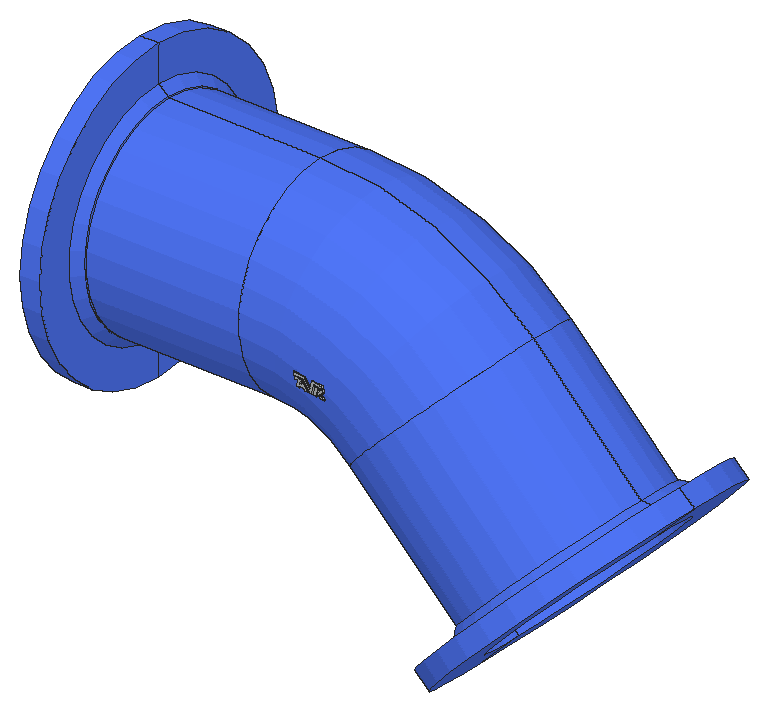
Revit family "712-0065-04-201-DN300", category Pipe Fittings, Revit 2019
Family settings
  Round Connector Dimension = Use Diameter
  Part Type = Elbow
  Work Plane-Based = No
  Always vertical = Yes
  Cut with Voids When Loaded = No
  Shared = No
Parameters (values of type "DN300_PN10/16")
  Search_Table = "712-0420-001-DN40-300"
  Rf_Dia = size_lookup(Search_Table, "Rf_Dia", 0 mm, [Nominal Diameter(DN)]) / 2  # 185 mm
  RF_Thick = size_lookup(Search_Table, "Rf_Thickness", 0 mm, [Nominal Diameter(DN)])  # 4 mm
  L_Ref = size_lookup(Search_Table, "L_Ref", 0 mm, [Nominal Diameter(DN)])  # 130 mm
  L = size_lookup(Search_Table, "L", 0 mm, [Nominal Diameter(DN)])  # 400 mm
  ID(Radius) = [Nominal Diameter(DN)] / 2  # 150 mm
  Flange_thickness = size_lookup(Search_Table, "Flange_thickness", 0 mm, [Nominal Diameter(DN)])  # 29 mm
  Nominal Diameter(DN) = 300 mm
  FOD = size_lookup(Search_Table, "FOD", 0 mm, [Nominal Diameter(DN)]) / 2  # 227.5 mm
  URL product pages = "https://www.avkvalves.com/P.aspx?no=712004043201"
  Description_ = "AVK FLANGED PIPE W/LOOSE FLANGES"
  DN300_PN16 = "712-0300-04-201"
  DN300_PN10/16 = yes
  DN300_PN10 = "712-0300-04-200"
  Body_wallthickness = 15 mm + [Nominal Diameter(DN)]  # 315 mm
Reference planes
  plane 1 "Center (Front/Back)": y = 0
  plane 2: z = 0
  plane 3 "Center (Left/Right)": x = 0
  plane 4: x = 400
  plane 5: through (350, -1524, -50) normal (-0.7071, 0, 0.7071)
  plane 6: z = 0
  plane 7: through (400, -1524, 0) normal (0.7071, 0, 0.7071)
Forms (mm)
  Revolve 1, solid, material "Plastic", visible <- "DN300_PN10/16"
    sketch origin (0, 0, -535) x (1, 0, 0) y (0, 0, 1)
      loop
        line (0, 761.941) -> (0, 684.441) -> (29, 684.441) -> (29, 761.941) -> (0, 761.941)
      axis (0, 534.441) -> (29, 534.441)
    angle from 0 to 360
  Revolve 2, solid, material "Plastic", visible <- "DN300_PN10/16"
    sketch origin (0, 0, -535) x (1, 0, 0) y (0, 0, 1)
      loop
        line (788.909, 358.223) -> (843.71, 413.024) -> (821.938, 434.795) -> (767.137, 379.995) -> (788.909, 358.223)
      axis (682.843, 252.157) -> (661.071, 273.929)
    angle from 0 to 360
  Extrusion 3, solid, material "Plastic", visible <- "DN300_PN10/16"
    sketch origin (0, 0, -535) x (1, 0, 0) y (0, 0, 1)
      loop
        line (304.075, 384.382) -> (304.075, 342.048)
        arc (304.075, 342.048) -> (326.575, 319.548) -> (349.075, 342.048) r 22.5
        line (349.075, 342.048) -> (349.075, 384.382) -> (304.075, 384.382)
      loop
        circle (326.575, 342.048) r 12
    from 5.963 to -5.963
  Sweep 4, solid, material "Plastic", visible <- "DN300_PN10/16"
    path origin (0, 0, -535) x (1, 0, 0) y (0, 0, 1)
      loop
        line (29, 535) -> (275.736, 535)
        arc (275.736, 535) -> (390.541, 512.164) -> (487.868, 447.132) r 300
        line (487.868, 447.132) -> (661.071, 273.929)
    profile origin (152.368, 0, 0) x (0, 0, 1) y (0, -1, 0)
      loop
        circle (0, 0) r 157.5
  Sweep 5, void
    path origin (0, 0, -535) x (1, 0, 0) y (0, 0, 1)
      loop
        line (29, 535) -> (275.736, 535)
        arc (275.736, 535) -> (390.541, 512.164) -> (487.868, 447.132) r 300
        line (487.868, 447.132) -> (661.071, 273.929)
    profile origin (152.368, 0, 0) x (0, 0, 1) y (0, -1, 0)
      loop
        circle (0, 0) r 150
  Revolve 6, solid, material "Plastic", visible <- "DN300_PN10/16"
    sketch origin (0, 0, -535) x (1, 0, 0) y (0, 0, 1)
      loop
        line (29, 535) -> (43.142, 535) -> (43.142, 693.514) -> (29, 707.657) -> (29, 535)
      axis (29, 535) -> (43.142, 535)
    angle from 0 to 360
  Revolve 7, solid, material "Plastic", visible <- "DN300_PN10/16"
    sketch origin (0, 0, -535) x (1, 0, 0) y (0, 0, 1)
      loop
        line (661.071, 273.929) -> (783.768, 396.625) -> (763.768, 396.625) -> (651.071, 283.929) -> (661.071, 273.929)
      axis (651.071, 283.929) -> (661.071, 273.929)
    angle from 0 to 360
Cuts and joins
  Sweep 5 cuts Revolve 1
  Sweep 5 cuts Revolve 2
  Sweep 5 cuts Extrusion 3
  Sweep 5 cuts Sweep 4
Dimensions and locks
  "L": plane 4 to plane 3 "Center (Left/Right)"
  "Flange_thickness": Revolve 1 sketch curve to plane 3 "Center (Left/Right)"
  equal spacing: Extrusion 3, plane 1 "Center (Front/Back)", Extrusion 3
  "L": plane 5 to Revolve 2 sketch curve
  "FOD": Revolve 2 sketch curve to plane 7
  "ID(Radius)": Revolve 2 sketch curve to plane 7
  "L": plane 5 to cut or joined group of Revolve 2, Sweep 5
  locked: cut or joined group of Revolve 1, Sweep 5 to Revolve 6 sketch curve at 14.142
  "Body_wallthickness": diameter of Sweep 4 sketch curve
  "Nominal Diameter(DN)": diameter of Sweep 5 sketch curve
  locked: cut or joined group of Revolve 1, Sweep 5 to Revolve 6 sketch curve (angle 45.00°)
  aligned and locked: level to plane 2
  aligned and locked: plane 3 "Center (Left/Right)" to Revolve 1 sketch curve  (x2)
  aligned and locked: plane 6 to Sweep 4 sketch curve
  aligned and locked: Sweep 4 sketch curve to plane 7
  aligned and locked: Revolve 1 to Sweep 5 sketch curve
  aligned and locked: Revolve 2 to Sweep 5 sketch curve
  aligned and locked: Revolve 6 sketch curve to cut or joined group of Revolve 1, Sweep 5
  aligned and locked: plane 6 to Revolve 6 sketch curve
  aligned and locked: Revolve 7 sketch curve to cut or joined group of Revolve 2, Sweep 5
  aligned and locked: Revolve 7 sketch curve to plane 7  (x2)
Automatic sketch dimensions
  Extrusion 3 sketch curve to Extrusion 3 sketch curve = 0 mm  (x3)
  Extrusion 3 sketch curve to plane 4 = 95.925 mm
  Extrusion 3 sketch curve to Extrusion 3 sketch curve = 22.5 mm
  Extrusion 3 sketch curve to Extrusion 3 sketch curve = 42.334 mm
  Extrusion 3 sketch curve to level = 192.952 mm
  Sweep 4 sketch curve to plane 4 = 124.264 mm
  plane 4 to Sweep 4 sketch curve = 87.868 mm
  plane 3 "Center (Left/Right)" to Sweep 4 sketch curve = 29 mm
  Sweep 4 sketch curve to Sweep 4 sketch curve = 173.203 mm
  Sweep 5 sketch curve to plane 6 = 0 mm
  Sweep 5 sketch curve to plane 7 = 0 mm  (x2)
  Sweep 5 sketch curve to plane 4 = 124.264 mm
  plane 4 to Sweep 5 sketch curve = 87.868 mm
  Revolve 6 sketch curve to plane 6 = 0 mm
  Revolve 6 sketch curve to plane 6 = 158.514 mm
  Revolve 6 sketch curve to Revolve 6 sketch curve = 10 mm
  Revolve 6 sketch curve to Revolve 6 sketch curve = 15.858 mm
  Revolve 7 sketch curve to Revolve 7 sketch curve = 10 mm
  plane 6 to Revolve 7 sketch curve = 138.375 mm
  Revolve 7 sketch curve to Revolve 7 sketch curve = 24.749 mm
  Revolve 7 sketch curve to level = 272.285 mm
  level to Revolve 1 sketch curve = 149.441 mm
  Revolve 1 sketch curve to Revolve 1 sketch curve = 77.5 mm
  Revolve 1 sketch curve to level = 0.559 mm
  plane 3 "Center (Left/Right)" to Revolve 1 sketch curve = 35 mm
  plane 7 to Revolve 2 sketch curve = 0 mm  (x2)
  Revolve 2 sketch curve to level = 155.005 mm
  Revolve 2 sketch curve to level = 307.536 mm
  Revolve 2 sketch curve to level = 289.151 mm
  Sweep 4 sketch curve to plane 1 "Center (Front/Back)" = 0 mm
  profile plane to Sweep 4 sketch curve = 0 mm
  Sweep 5 sketch curve to plane 1 "Center (Front/Back)" = 0 mm
  profile plane to Sweep 5 sketch curve = 0 mm
  radius of Extrusion 3 sketch curve = 12 mm
Nested families
  nested 1: "LOGO - Copy - Copy" at (384.114, -151.077, -68.646) x (0.9928, -0.1159, -0.0309) z (-0.1199, -0.9592, -0.256), type "LOGO - Copy - Copy"
Connectors
  piping at (682.843, 0, -282.843), diameter 300, driven by "Nominal Diameter(DN)"
    settings: on Revolve 2, index 1, connector inside diameter 609.6 mm, connector length 0 mm, flow factor 0, pipe flow 0.0 L/s, pressure drop 0.0 Pa, fitting loss kfactor 0, connector angle 0.00°, fixture units 0, engagement length 0 mm, angle of deflection 0.00°, flow configuration 0, flow direction 0, fitting loss method 0, system type 19, joint type 0, gender type 0, connector reference index -1, connector utility 0, adjustable connector no, is connector primary yes, connector description ""
  piping at (0, 0, -0.559), diameter 300, driven by "Nominal Diameter(DN)"
    settings: on Revolve 1, index 2, connector inside diameter 609.6 mm, connector length 0 mm, flow factor 0, pipe flow 0.0 L/s, pressure drop 0.0 Pa, fitting loss kfactor 0, connector angle 0.00°, fixture units 0, engagement length 0 mm, angle of deflection 0.00°, flow configuration 0, flow direction 0, fitting loss method 0, system type 19, joint type 0, gender type 0, connector reference index -1, connector utility 0, adjustable connector no, is connector primary no, connector description ""
Definition of nested family "LOGO - Copy - Copy"
  Parameters (values of type "LOGO - Copy - Copy")
    Default Elevation = 1219.2 mm
  Reference planes
    plane 1 "Center (Front/Back)": y = 0
    plane 2: z = 0
    plane 3 "Center (Left/Right)": x = 0
  Forms (mm)
    Extrusion 1, solid
      sketch origin (0, 0, 0) x (1, 0, 0) y (0, 1, 0)
        loop
          line (-1219.2, 1219.2) -> (-1219.2, -1219.2) -> (1219.2, -1219.2) -> (1219.2, 1219.2) -> (-1219.2, 1219.2)
      from 0 to -304.8
    Extrusion 2, solid
      sketch origin (0, 0, 0) x (1, 0, 0) y (0, 1, 0)
        loop
          line (-6.514, 34.224) -> (-24, 34.224) -> (-24, 29.481) -> (-9.766, 29.481) -> (-2.391, 11.367) -> (2.391, 11.367) -> (9.766, 29.481) -> (24, 29.481) -> (24, 34.224) -> (6.514, 34.224) -> (0, 18.224) -> (-6.514, 34.224)
        loop
          line (-10.996, 27.653) -> (-24, 27.653) -> (-24, 23.081) -> (-19.503, 23.081) -> (-24, 11.367) -> (-18.92, 11.367) -> (-17.955, 13.881) -> (-10.51, 13.881) -> (-9.486, 11.367) -> (-4.365, 11.367) -> (-10.996, 27.653)
        loop
          line (-16.777, 18.224) -> (-12.278, 18.224) -> (-14.594, 23.912) -> (-16.777, 18.224)
        loop
          line (4.365, 11.367) -> (9.486, 11.367) -> (12.093, 17.77) -> (16.918, 11.367) -> (22.857, 11.367) -> (17.399, 18.61)
          arc (17.399, 18.61) -> (20.583, 20.18) -> (22.629, 23.081) r 7.2
          line (22.629, 23.081) -> (24, 23.081) -> (24, 27.653) -> (19.429, 27.653)
          arc (19.429, 27.653) -> (17.763, 23.526) -> (13.699, 21.714) r 5.943
          line (13.699, 21.714) -> (16.117, 27.653) -> (10.996, 27.653) -> (4.365, 11.367)
      from 0 to 1
  Dimensions and locks
    aligned and locked: plane 2 to Extrusion 1
    aligned and locked: level to Extrusion 1
    aligned and locked: Extrusion 2 sketch curve to import instance
